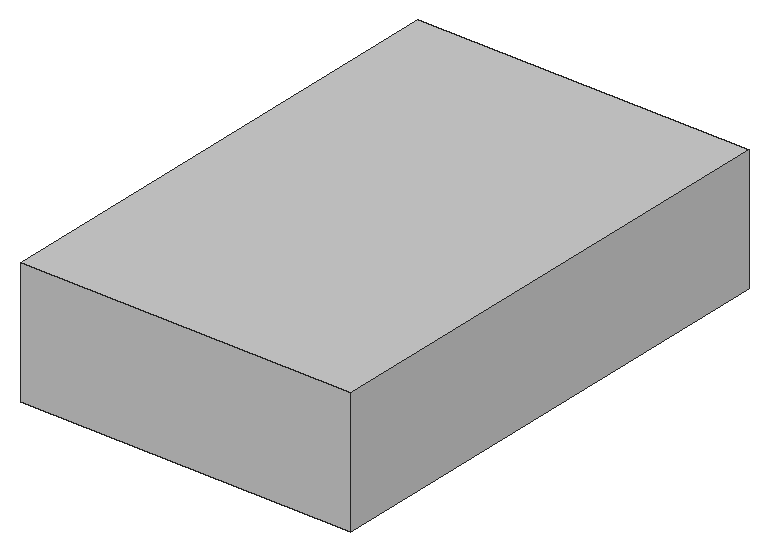
Revit family "STC_A3-Footing-Rectangular", category Structural Foundations, Revit 2016
Family settings
  Material for Model Behavior = Other
  Cap = No
  Work Plane-Based = No
  Always vertical = Yes
  Cut with Voids When Loaded = No
  Shared = No
Parameters (values of type "1800 x 1200 x 450mm Footing Rectangular")
  Width = 1200 mm
  Structural Material [instance] = Concrete - Cast-in-Place Concrete
  Length = 1800 mm
  Keynote = "E"
  Assembly Code = ""
  Thickness = 450 mm
Types (3, lengths in mm): name | Width | Length
  (no name) | 1200 | 1800
  1800 x 1200 x 450mm Footing Rectangular | 1200 | 1800
  2400 x 1800 x 450mm | 1800 | 2400
Reference planes
  plane 1 "Center (Front/Back)": y = 0
  plane 2: z = 0
  plane 3 "Center (Left/Right)": x = 0
  plane 4: x = -600
  plane 5: x = 600
  plane 6: y = 900
  plane 7: y = -900
Forms (mm)
  Extrusion 1, solid, material "Concrete - Cast-in-Place Concrete" <- "Structural Material"
    sketch origin (0, 0, 0) x (1, 0, 0) y (0, 1, 0)
      loop
        line (-600, 900) -> (-600, -900) -> (600, -900) -> (600, 900) -> (-600, 900)
    from -450 to 0
Dimensions and locks
  "Thickness": plane 2 to Extrusion 1
  "Width": plane 4 to plane 5
  "Length": plane 6 to plane 7
  equal spacing: plane 6, plane 1 "Center (Front/Back)", plane 7
  equal spacing: plane 4, plane 3 "Center (Left/Right)", plane 5
  aligned and locked: plane 4 to Extrusion 1 sketch curve
  aligned and locked: Extrusion 1 sketch curve to plane 5
  aligned and locked: Extrusion 1 sketch curve to plane 6
  aligned and locked: plane 7 to Extrusion 1 sketch curve
  aligned and locked: level to Extrusion 1
